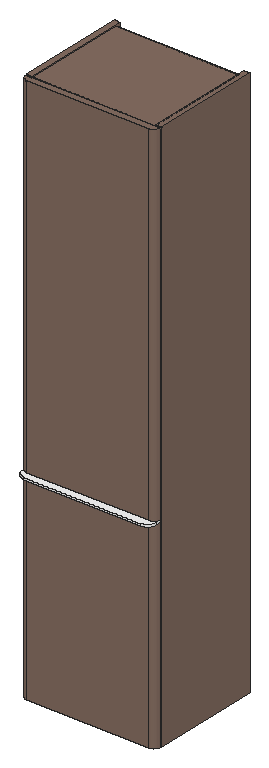
Revit family "tall cabinet, door hinge", category Furniture, Revit 2019 (continued)
Definition of nested family "tall cabinet 400_350, door hinge left-54136000-diamond matt grey-chrome-200_content"
  Parameters (values of type "Tall cabinet 400_350, door hinge left-54136000-Diamond Matt Grey-CHROME-200_Content")
    NAME = "Xelu Q Tall cabinet Diamond Matt Grey 400/350, door hinge left"
    Model = "Tall cabinet 400/350, door hinge left-54136000-Diamond Matt Grey-CHROME-200"
    Manufacturer = "Hansgrohe"
    MASTERFORMAT = "12 35 30.23 | Bathroom Casework"
    LODLEVEL = "200"
    LINA = "Tall cabinet 400/350, door hinge left-54136000-Diamond Matt Grey-CHROME-200"
    L = 400
    IFC = "Furnishing element"
    GTINCODE = "4059625458303"
    ETIM = "EC011381 | Bathroom furniture set"
    Default Elevation = 1219.2 mm
    DESIGN = "Germany"
    ContentVisible [instance] = yes
    CATALOG = "Hansgrohe"
    BIMOBJECT = "Sanitary: Compound units"
    BASENUMBER = "Tall cabinet 400/350, door hinge left"
    ARTNR = "54136000"
  Reference planes
    plane 1 "Center (Front/Back)": y = 0
    plane 2: z = 0
    plane 3 "Center (Left/Right)": x = 0
  Forms (mm)
    Extrusion 1, solid, visible <- "ContentVisible", detail levels medium+fine
      sketch origin (0, 0, 0) x (1, 0, 0) y (0, 1, 0)
        loop
          line (-200, 0) -> (-200, -349) -> (200, -349) -> (200, 0) -> (-200, 0)
      from 0 to 1650
    Extrusion 2, solid, visible <- "ContentVisible", detail levels medium+fine
      sketch origin (0, 0, 599) x (1, 0, 0) y (0, 1, 0)
        loop
          line (-198.5, -328) -> (-198.5, -369) -> (198.5, -369) -> (198.5, -328) -> (178.5, -328) -> (178.5, -326.5) -> (-178.5, -326.5) -> (-178.5, -328) -> (-198.5, -328)
      from 0 to 5
    Extrusion 3, solid, visible <- "ContentVisible", detail levels coarse
      sketch origin (0, -184.5, 0) x (1, 0, 0) y (0, 1, 0)
        loop
          line (-200, -184.5) -> (200, -184.5) -> (200, 184.5) -> (-200, 184.5) -> (-200, -184.5)
      from 0 to 1650
  Dimensions and locks
    aligned and locked: level to plane 2
Definition of nested family "tall cabinet 400_350, door hinge left-54136000-diamond matt grey-chrome-400_content"
  Parameters (values of type "Tall cabinet 400_350, door hinge left-54136000-Diamond Matt Grey-CHROME-400_Content")
    etim7_EC011381 = "EC011381"
    WEIGHT = "36.9"
    UNSPSC = "56 | Furniture and Furnishings"
    UNIFORMATII = "E2010 | Fixed Furnishings"
    UNICLASS_2015_CODE = "40_30_78_05"
    UNICLASS2015 = "Pr_40_30_78_05 | Bathroom furniture"
    SURFACE = "CHROME"
    SPECIFICATION = "Surfaces:    - 54136000 Chrome  - 54136670 Matt Black  - 54136700 Matt White      Specification:"
    REGIONSET = "Worldwide"
    PRODUCTURL = "https://pro.hansgrohe.com/articledetail--54136000"
    PRODUCTGROUP = "bathroom vanity"
    PRODUCTFAMILY = "Xelu Q"
    PERMALINK = "54136XXX"
    OMNICLASS = "23-21 19 15 33 13 | Residential Bathroom Specialty Casework"
    OBJECTTYPE = "Object (single object)"
    OBERFLAECHE = "Diamond Matt Grey"
    NN = "Tall cabinet, door hinge"
    NBSYN = "$BASENUMBER.-$ARTNR.-$OBERFLAECHE.-$SURFACE.-$LODLEVEL."
    NB = "Tall cabinet 400/350, door hinge left-54136000-Diamond Matt Grey-CHROME-400"
    NAME = "Xelu Q Tall cabinet Diamond Matt Grey 400/350, door hinge left"
    Model = "Tall cabinet 400/350, door hinge left-54136000-Diamond Matt Grey-CHROME-400"
    Manufacturer = "Hansgrohe"
    MASTERFORMAT = "12 35 30.23 | Bathroom Casework"
    LODLEVEL = "400"
    LINA = "Tall cabinet 400/350, door hinge left-54136000-Diamond Matt Grey-CHROME-400"
    L = 400
    IFC = "Furnishing element"
    GTINCODE = "4059625458303"
    ETIM = "EC011381 | Bathroom furniture set"
    Default Elevation = 1219.2 mm
    DESIGN = "Germany"
    ContentVisible [instance] = yes
    CATALOG = "Hansgrohe"
    BIMOBJECT = "Sanitary: Compound units"
    BASENUMBER = "Tall cabinet 400/350, door hinge left"
    ARTNR = "54136000"
  Reference planes
    plane 1 "Center (Front/Back)": y = 0
    plane 2: z = 0
    plane 3 "Center (Left/Right)": x = 0
  Forms (mm)
    Extrusion 1, solid, visible <- "ContentVisible", detail levels medium+fine
      sketch origin (0, 0, 0) x (1, 0, 0) y (0, 1, 0)
        loop
          line (-200, 0) -> (-200, -325)
          arc (-200, -325) -> (-199.121, -327.121) -> (-197, -328) r 3
          line (-197, -328) -> (-184, -328) -> (-184, 0) -> (-200, 0)
      from 0 to 1650
    Extrusion 2, solid, visible <- "ContentVisible", detail levels medium+fine
      sketch origin (0, 0, 0) x (1, 0, 0) y (0, 1, 0)
        loop
          line (-184, -20) -> (-184, -327) -> (184, -327) -> (184, -20) -> (-184, -20)
      from 0 to 1649
    Extrusion 3, solid, visible <- "ContentVisible", detail levels medium+fine
      sketch origin (0, 0, 0) x (1, 0, 0) y (0, 1, 0)
        loop
          line (184, 0) -> (184, -328) -> (197, -328)
          arc (197, -328) -> (199.121, -327.121) -> (200, -325) r 3
          line (200, -325) -> (200, 0) -> (184, 0)
      from 0 to 1650
    Extrusion 4, solid, visible <- "ContentVisible", detail levels medium+fine
      sketch origin (0, 0, 2) x (1, 0, 0) y (0, 1, 0)
        loop
          line (-184, -16) -> (-184, -20) -> (184, -20) -> (184, -16) -> (-184, -16)
      from 0 to 1646
    Extrusion 5, solid, visible <- "ContentVisible", detail levels medium+fine
      sketch origin (0, 0, 2) x (1, 0, 0) y (0, 1, 0)
        loop
          arc (-200, -330) -> (-194.435, -343.435) -> (-181, -349) r 19
          line (-181, -349) -> (181, -349)
          arc (181, -349) -> (194.435, -343.435) -> (200, -330) r 19
          line (200, -330) -> (200, -328) -> (-200, -328) -> (-200, -330)
      from 0 to 597
    Extrusion 6, solid, visible <- "ContentVisible", detail levels medium+fine
      sketch origin (0, 0, 599) x (1, 0, 0) y (0, 1, 0)
        loop
          line (-198.5, -328) -> (-198.5, -344)
          arc (-198.5, -344) -> (-191.178, -361.678) -> (-173.5, -369) r 25
          line (-173.5, -369) -> (173.5, -369)
          arc (173.5, -369) -> (191.178, -361.678) -> (198.5, -344) r 25
          line (198.5, -344) -> (198.5, -328) -> (178.5, -328) -> (178.5, -326.5) -> (-178.5, -326.5) -> (-178.5, -328) -> (-198.5, -328)
      from 0 to 5
    Extrusion 7, solid, visible <- "ContentVisible", detail levels medium+fine
      sketch origin (0, 0, 607) x (1, 0, 0) y (0, 1, 0)
        loop
          arc (-200, -330) -> (-194.435, -343.435) -> (-181, -349) r 19
          line (-181, -349) -> (181, -349)
          arc (181, -349) -> (194.435, -343.435) -> (200, -330) r 19
          line (200, -330) -> (200, -328) -> (-200, -328) -> (-200, -330)
      from 0 to 1041
    Extrusion 8, solid, visible <- "ContentVisible", detail levels coarse
      sketch origin (0, -184.5, 0) x (1, 0, 0) y (0, 1, 0)
        loop
          line (-200, -184.5) -> (200, -184.5) -> (200, 184.5) -> (-200, 184.5) -> (-200, -184.5)
      from 0 to 1650
  Dimensions and locks
    aligned and locked: level to plane 2
Definition of nested family "tall cabinet 400_350, door hinge left-54136670-diamond matt grey-matt_black-200_content"
  Parameters (values of type "Tall cabinet 400_350, door hinge left-54136670-Diamond Matt Grey-MATT_BLACK-200_Content")
    etim7_EC011381 = "EC011381"
    WEIGHT = "36.9"
    UNSPSC = "56 | Furniture and Furnishings"
    UNIFORMATII = "E2010 | Fixed Furnishings"
    UNICLASS_2015_CODE = "40_30_78_05"
    UNICLASS2015 = "Pr_40_30_78_05 | Bathroom furniture"
    SURFACE = "MATT_BLACK"
    SPECIFICATION = "Surfaces:    - 54136000 Chrome  - 54136670 Matt Black  - 54136700 Matt White      Specification:"
    REGIONSET = "Worldwide"
    PRODUCTURL = "https://pro.hansgrohe.com/articledetail--54136000"
    PRODUCTGROUP = "bathroom vanity"
    PRODUCTFAMILY = "Xelu Q"
    PERMALINK = "54136XXX"
    OMNICLASS = "23-21 19 15 33 13 | Residential Bathroom Specialty Casework"
    OBJECTTYPE = "Object (single object)"
    OBERFLAECHE = "Diamond Matt Grey"
    NN = "Tall cabinet, door hinge"
    NBSYN = "$BASENUMBER.-$ARTNR.-$OBERFLAECHE.-$SURFACE.-$LODLEVEL."
    NB = "Tall cabinet 400/350, door hinge left-54136670-Diamond Matt Grey-MATT_BLACK-200"
    NAME = "Xelu Q Tall cabinet Diamond Matt Grey 400/350, door hinge left"
    Model = "Tall cabinet 400/350, door hinge left-54136670-Diamond Matt Grey-MATT_BLACK-200"
    Manufacturer = "Hansgrohe"
    MASTERFORMAT = "12 35 30.23 | Bathroom Casework"
    LODLEVEL = "200"
    LINA = "Tall cabinet 400/350, door hinge left-54136670-Diamond Matt Grey-MATT_BLACK-200"
    L = 400
    IFC = "Furnishing element"
    GTINCODE = "4059625458303"
    ETIM = "EC011381 | Bathroom furniture set"
    Default Elevation = 1219.2 mm
    DESIGN = "Germany"
    ContentVisible [instance] = yes
    CATALOG = "Hansgrohe"
    BIMOBJECT = "Sanitary: Compound units"
    BASENUMBER = "Tall cabinet 400/350, door hinge left"
    ARTNR = "54136670"
  Reference planes
    plane 1 "Center (Front/Back)": y = 0
    plane 2: z = 0
    plane 3 "Center (Left/Right)": x = 0
  Forms (mm)
    Extrusion 1, solid, visible <- "ContentVisible", detail levels medium+fine
      sketch origin (0, 0, 0) x (1, 0, 0) y (0, 1, 0)
        loop
          line (-200, 0) -> (-200, -349) -> (200, -349) -> (200, 0) -> (-200, 0)
      from 0 to 1650
    Extrusion 2, solid, visible <- "ContentVisible", detail levels medium+fine
      sketch origin (0, 0, 599) x (1, 0, 0) y (0, 1, 0)
        loop
          line (-198.5, -328) -> (-198.5, -369) -> (198.5, -369) -> (198.5, -328) -> (178.5, -328) -> (178.5, -326.5) -> (-178.5, -326.5) -> (-178.5, -328) -> (-198.5, -328)
      from 0 to 5
    Extrusion 3, solid, visible <- "ContentVisible", detail levels coarse
      sketch origin (0, -184.5, 0) x (1, 0, 0) y (0, 1, 0)
        loop
          line (-200, -184.5) -> (200, -184.5) -> (200, 184.5) -> (-200, 184.5) -> (-200, -184.5)
      from 0 to 1650
  Dimensions and locks
    aligned and locked: level to plane 2
Definition of nested family "tall cabinet 400_350, door hinge left-54136670-diamond matt grey-matt_black-400_content"
  Parameters (values of type "Tall cabinet 400_350, door hinge left-54136670-Diamond Matt Grey-MATT_BLACK-400_Content")
    etim7_EC011381 = "EC011381"
    WEIGHT = "36.9"
    UNSPSC = "56 | Furniture and Furnishings"
    UNIFORMATII = "E2010 | Fixed Furnishings"
    UNICLASS_2015_CODE = "40_30_78_05"
    UNICLASS2015 = "Pr_40_30_78_05 | Bathroom furniture"
    SURFACE = "MATT_BLACK"
    SPECIFICATION = "Surfaces:    - 54136000 Chrome  - 54136670 Matt Black  - 54136700 Matt White      Specification:"
    REGIONSET = "Worldwide"
    PRODUCTURL = "https://pro.hansgrohe.com/articledetail--54136000"
    PRODUCTGROUP = "bathroom vanity"
    PRODUCTFAMILY = "Xelu Q"
    PERMALINK = "54136XXX"
    OMNICLASS = "23-21 19 15 33 13 | Residential Bathroom Specialty Casework"
    OBJECTTYPE = "Object (single object)"
    OBERFLAECHE = "Diamond Matt Grey"
    NN = "Tall cabinet, door hinge"
    NBSYN = "$BASENUMBER.-$ARTNR.-$OBERFLAECHE.-$SURFACE.-$LODLEVEL."
    NB = "Tall cabinet 400/350, door hinge left-54136670-Diamond Matt Grey-MATT_BLACK-400"
    NAME = "Xelu Q Tall cabinet Diamond Matt Grey 400/350, door hinge left"
    Model = "Tall cabinet 400/350, door hinge left-54136670-Diamond Matt Grey-MATT_BLACK-400"
    Manufacturer = "Hansgrohe"
    MASTERFORMAT = "12 35 30.23 | Bathroom Casework"
    LODLEVEL = "400"
    LINA = "Tall cabinet 400/350, door hinge left-54136670-Diamond Matt Grey-MATT_BLACK-400"
    L = 400
    IFC = "Furnishing element"
    GTINCODE = "4059625458303"
    ETIM = "EC011381 | Bathroom furniture set"
    Default Elevation = 1219.2 mm
    DESIGN = "Germany"
    ContentVisible [instance] = yes
    CATALOG = "Hansgrohe"
    BIMOBJECT = "Sanitary: Compound units"
    BASENUMBER = "Tall cabinet 400/350, door hinge left"
    ARTNR = "54136670"
  Reference planes
    plane 1 "Center (Front/Back)": y = 0
    plane 2: z = 0
    plane 3 "Center (Left/Right)": x = 0
  Forms (mm)
    Extrusion 1, solid, visible <- "ContentVisible", detail levels medium+fine
      sketch origin (0, 0, 0) x (1, 0, 0) y (0, 1, 0)
        loop
          line (-200, 0) -> (-200, -325)
          arc (-200, -325) -> (-199.121, -327.121) -> (-197, -328) r 3
          line (-197, -328) -> (-184, -328) -> (-184, 0) -> (-200, 0)
      from 0 to 1650
    Extrusion 2, solid, visible <- "ContentVisible", detail levels medium+fine
      sketch origin (0, 0, 0) x (1, 0, 0) y (0, 1, 0)
        loop
          line (-184, -20) -> (-184, -327) -> (184, -327) -> (184, -20) -> (-184, -20)
      from 0 to 1649
    Extrusion 3, solid, visible <- "ContentVisible", detail levels medium+fine
      sketch origin (0, 0, 0) x (1, 0, 0) y (0, 1, 0)
        loop
          line (184, 0) -> (184, -328) -> (197, -328)
          arc (197, -328) -> (199.121, -327.121) -> (200, -325) r 3
          line (200, -325) -> (200, 0) -> (184, 0)
      from 0 to 1650
    Extrusion 4, solid, visible <- "ContentVisible", detail levels medium+fine
      sketch origin (0, 0, 2) x (1, 0, 0) y (0, 1, 0)
        loop
          line (-184, -16) -> (-184, -20) -> (184, -20) -> (184, -16) -> (-184, -16)
      from 0 to 1646
    Extrusion 5, solid, visible <- "ContentVisible", detail levels medium+fine
      sketch origin (0, 0, 2) x (1, 0, 0) y (0, 1, 0)
        loop
          arc (-200, -330) -> (-194.435, -343.435) -> (-181, -349) r 19
          line (-181, -349) -> (181, -349)
          arc (181, -349) -> (194.435, -343.435) -> (200, -330) r 19
          line (200, -330) -> (200, -328) -> (-200, -328) -> (-200, -330)
      from 0 to 597
    Extrusion 6, solid, visible <- "ContentVisible", detail levels medium+fine
      sketch origin (0, 0, 599) x (1, 0, 0) y (0, 1, 0)
        loop
          line (-198.5, -328) -> (-198.5, -344)
          arc (-198.5, -344) -> (-191.178, -361.678) -> (-173.5, -369) r 25
          line (-173.5, -369) -> (173.5, -369)
          arc (173.5, -369) -> (191.178, -361.678) -> (198.5, -344) r 25
          line (198.5, -344) -> (198.5, -328) -> (178.5, -328) -> (178.5, -326.5) -> (-178.5, -326.5) -> (-178.5, -328) -> (-198.5, -328)
      from 0 to 5
    Extrusion 7, solid, visible <- "ContentVisible", detail levels medium+fine
      sketch origin (0, 0, 607) x (1, 0, 0) y (0, 1, 0)
        loop
          arc (-200, -330) -> (-194.435, -343.435) -> (-181, -349) r 19
          line (-181, -349) -> (181, -349)
          arc (181, -349) -> (194.435, -343.435) -> (200, -330) r 19
          line (200, -330) -> (200, -328) -> (-200, -328) -> (-200, -330)
      from 0 to 1041
    Extrusion 8, solid, visible <- "ContentVisible", detail levels coarse
      sketch origin (0, -184.5, 0) x (1, 0, 0) y (0, 1, 0)
        loop
          line (-200, -184.5) -> (200, -184.5) -> (200, 184.5) -> (-200, 184.5) -> (-200, -184.5)
      from 0 to 1650
  Dimensions and locks
    aligned and locked: level to plane 2
Definition of nested family "tall cabinet 400_350, door hinge left-54136700-diamond matt grey-matt_white-200_content"
  Parameters (values of type "Tall cabinet 400_350, door hinge left-54136700-Diamond Matt Grey-MATT_WHITE-200_Content")
    etim7_EC011381 = "EC011381"
    WEIGHT = "36.9"
    UNSPSC = "56 | Furniture and Furnishings"
    UNIFORMATII = "E2010 | Fixed Furnishings"
    UNICLASS_2015_CODE = "40_30_78_05"
    UNICLASS2015 = "Pr_40_30_78_05 | Bathroom furniture"
    SURFACE = "MATT_WHITE"
    SPECIFICATION = "Surfaces:    - 54136000 Chrome  - 54136670 Matt Black  - 54136700 Matt White      Specification:"
    REGIONSET = "Worldwide"
    PRODUCTURL = "https://pro.hansgrohe.com/articledetail--54136000"
    PRODUCTGROUP = "bathroom vanity"
    PRODUCTFAMILY = "Xelu Q"
    PERMALINK = "54136XXX"
    OMNICLASS = "23-21 19 15 33 13 | Residential Bathroom Specialty Casework"
    OBJECTTYPE = "Object (single object)"
    OBERFLAECHE = "Diamond Matt Grey"
    NN = "Tall cabinet, door hinge"
    NBSYN = "$BASENUMBER.-$ARTNR.-$OBERFLAECHE.-$SURFACE.-$LODLEVEL."
    NB = "Tall cabinet 400/350, door hinge left-54136700-Diamond Matt Grey-MATT_WHITE-200"
    NAME = "Xelu Q Tall cabinet Diamond Matt Grey 400/350, door hinge left"
    Model = "Tall cabinet 400/350, door hinge left-54136700-Diamond Matt Grey-MATT_WHITE-200"
    Manufacturer = "Hansgrohe"
    MASTERFORMAT = "12 35 30.23 | Bathroom Casework"
    LODLEVEL = "200"
    LINA = "Tall cabinet 400/350, door hinge left-54136700-Diamond Matt Grey-MATT_WHITE-200"
    L = 400
    IFC = "Furnishing element"
    GTINCODE = "4059625458303"
    ETIM = "EC011381 | Bathroom furniture set"
    Default Elevation = 1219.2 mm
    DESIGN = "Germany"
    ContentVisible [instance] = yes
    CATALOG = "Hansgrohe"
    BIMOBJECT = "Sanitary: Compound units"
    BASENUMBER = "Tall cabinet 400/350, door hinge left"
    ARTNR = "54136700"
  Reference planes
    plane 1 "Center (Front/Back)": y = 0
    plane 2: z = 0
    plane 3 "Center (Left/Right)": x = 0
  Forms (mm)
    Extrusion 1, solid, visible <- "ContentVisible", detail levels medium+fine
      sketch origin (0, 0, 0) x (1, 0, 0) y (0, 1, 0)
        loop
          line (-200, 0) -> (-200, -349) -> (200, -349) -> (200, 0) -> (-200, 0)
      from 0 to 1650
    Extrusion 2, solid, visible <- "ContentVisible", detail levels medium+fine
      sketch origin (0, 0, 599) x (1, 0, 0) y (0, 1, 0)
        loop
          line (-198.5, -328) -> (-198.5, -369) -> (198.5, -369) -> (198.5, -328) -> (178.5, -328) -> (178.5, -326.5) -> (-178.5, -326.5) -> (-178.5, -328) -> (-198.5, -328)
      from 0 to 5
    Extrusion 3, solid, visible <- "ContentVisible", detail levels coarse
      sketch origin (0, -184.5, 0) x (1, 0, 0) y (0, 1, 0)
        loop
          line (-200, -184.5) -> (200, -184.5) -> (200, 184.5) -> (-200, 184.5) -> (-200, -184.5)
      from 0 to 1650
  Dimensions and locks
    aligned and locked: level to plane 2
Definition of nested family "tall cabinet 400_350, door hinge left-54136700-diamond matt grey-matt_white-400_content"
  Parameters (values of type "Tall cabinet 400_350, door hinge left-54136700-Diamond Matt Grey-MATT_WHITE-400_Content")
    etim7_EC011381 = "EC011381"
    WEIGHT = "36.9"
    UNSPSC = "56 | Furniture and Furnishings"
    UNIFORMATII = "E2010 | Fixed Furnishings"
    UNICLASS_2015_CODE = "40_30_78_05"
    UNICLASS2015 = "Pr_40_30_78_05 | Bathroom furniture"
    SURFACE = "MATT_WHITE"
    SPECIFICATION = "Surfaces:    - 54136000 Chrome  - 54136670 Matt Black  - 54136700 Matt White      Specification:"
    REGIONSET = "Worldwide"
    PRODUCTURL = "https://pro.hansgrohe.com/articledetail--54136000"
    PRODUCTGROUP = "bathroom vanity"
    PRODUCTFAMILY = "Xelu Q"
    PERMALINK = "54136XXX"
    OMNICLASS = "23-21 19 15 33 13 | Residential Bathroom Specialty Casework"
    OBJECTTYPE = "Object (single object)"
    OBERFLAECHE = "Diamond Matt Grey"
    NN = "Tall cabinet, door hinge"
    NBSYN = "$BASENUMBER.-$ARTNR.-$OBERFLAECHE.-$SURFACE.-$LODLEVEL."
    NB = "Tall cabinet 400/350, door hinge left-54136700-Diamond Matt Grey-MATT_WHITE-400"
    NAME = "Xelu Q Tall cabinet Diamond Matt Grey 400/350, door hinge left"
    Model = "Tall cabinet 400/350, door hinge left-54136700-Diamond Matt Grey-MATT_WHITE-400"
    Manufacturer = "Hansgrohe"
    MASTERFORMAT = "12 35 30.23 | Bathroom Casework"
    LODLEVEL = "400"
    LINA = "Tall cabinet 400/350, door hinge left-54136700-Diamond Matt Grey-MATT_WHITE-400"
    L = 400
    IFC = "Furnishing element"
    GTINCODE = "4059625458303"
    ETIM = "EC011381 | Bathroom furniture set"
    Default Elevation = 1219.2 mm
    DESIGN = "Germany"
    ContentVisible [instance] = yes
    CATALOG = "Hansgrohe"
    BIMOBJECT = "Sanitary: Compound units"
    BASENUMBER = "Tall cabinet 400/350, door hinge left"
    ARTNR = "54136700"
  Reference planes
    plane 1 "Center (Front/Back)": y = 0
    plane 2: z = 0
    plane 3 "Center (Left/Right)": x = 0
  Forms (mm)
    Extrusion 1, solid, visible <- "ContentVisible", detail levels medium+fine
      sketch origin (0, 0, 0) x (1, 0, 0) y (0, 1, 0)
        loop
          line (-200, 0) -> (-200, -325)
          arc (-200, -325) -> (-199.121, -327.121) -> (-197, -328) r 3
          line (-197, -328) -> (-184, -328) -> (-184, 0) -> (-200, 0)
      from 0 to 1650
    Extrusion 2, solid, visible <- "ContentVisible", detail levels medium+fine
      sketch origin (0, 0, 0) x (1, 0, 0) y (0, 1, 0)
        loop
          line (-184, -20) -> (-184, -327) -> (184, -327) -> (184, -20) -> (-184, -20)
      from 0 to 1649
    Extrusion 3, solid, visible <- "ContentVisible", detail levels medium+fine
      sketch origin (0, 0, 0) x (1, 0, 0) y (0, 1, 0)
        loop
          line (184, 0) -> (184, -328) -> (197, -328)
          arc (197, -328) -> (199.121, -327.121) -> (200, -325) r 3
          line (200, -325) -> (200, 0) -> (184, 0)
      from 0 to 1650
    Extrusion 4, solid, visible <- "ContentVisible", detail levels medium+fine
      sketch origin (0, 0, 2) x (1, 0, 0) y (0, 1, 0)
        loop
          line (-184, -16) -> (-184, -20) -> (184, -20) -> (184, -16) -> (-184, -16)
      from 0 to 1646
    Extrusion 5, solid, visible <- "ContentVisible", detail levels medium+fine
      sketch origin (0, 0, 2) x (1, 0, 0) y (0, 1, 0)
        loop
          arc (-200, -330) -> (-194.435, -343.435) -> (-181, -349) r 19
          line (-181, -349) -> (181, -349)
          arc (181, -349) -> (194.435, -343.435) -> (200, -330) r 19
          line (200, -330) -> (200, -328) -> (-200, -328) -> (-200, -330)
      from 0 to 597
    Extrusion 6, solid, visible <- "ContentVisible", detail levels medium+fine
      sketch origin (0, 0, 599) x (1, 0, 0) y (0, 1, 0)
        loop
          line (-198.5, -328) -> (-198.5, -344)
          arc (-198.5, -344) -> (-191.178, -361.678) -> (-173.5, -369) r 25
          line (-173.5, -369) -> (173.5, -369)
          arc (173.5, -369) -> (191.178, -361.678) -> (198.5, -344) r 25
          line (198.5, -344) -> (198.5, -328) -> (178.5, -328) -> (178.5, -326.5) -> (-178.5, -326.5) -> (-178.5, -328) -> (-198.5, -328)
      from 0 to 5
    Extrusion 7, solid, visible <- "ContentVisible", detail levels medium+fine
      sketch origin (0, 0, 607) x (1, 0, 0) y (0, 1, 0)
        loop
          arc (-200, -330) -> (-194.435, -343.435) -> (-181, -349) r 19
          line (-181, -349) -> (181, -349)
          arc (181, -349) -> (194.435, -343.435) -> (200, -330) r 19
          line (200, -330) -> (200, -328) -> (-200, -328) -> (-200, -330)
      from 0 to 1041
    Extrusion 8, solid, visible <- "ContentVisible", detail levels coarse
      sketch origin (0, -184.5, 0) x (1, 0, 0) y (0, 1, 0)
        loop
          line (-200, -184.5) -> (200, -184.5) -> (200, 184.5) -> (-200, 184.5) -> (-200, -184.5)
      from 0 to 1650
  Dimensions and locks
    aligned and locked: level to plane 2
Definition of nested family "tall cabinet 400_350, door hinge left-54137000-natural oak-chrome-200_content"
  Parameters (values of type "Tall cabinet 400_350, door hinge left-54137000-Natural Oak-CHROME-200_Content")
    etim7_EC011381 = "EC011381"
    WEIGHT = "36.9"
    UNSPSC = "56 | Furniture and Furnishings"
    UNIFORMATII = "E2010 | Fixed Furnishings"
    UNICLASS_2015_CODE = "40_30_78_05"
    UNICLASS2015 = "Pr_40_30_78_05 | Bathroom furniture"
    SURFACE = "CHROME"
    SPECIFICATION = "Surfaces:    - 54137000 Chrome  - 54137670 Matt Black  - 54137700 Matt White      Specification:"
    REGIONSET = "Worldwide"
    PRODUCTURL = "https://pro.hansgrohe.com/articledetail--54137000"
    PRODUCTGROUP = "bathroom vanity"
    PRODUCTFAMILY = "Xelu Q"
    PERMALINK = "54137XXX"
    OMNICLASS = "23-21 19 15 33 13 | Residential Bathroom Specialty Casework"
    OBJECTTYPE = "Object (single object)"
    OBERFLAECHE = "Natural Oak"
    NN = "Tall cabinet, door hinge"
    NBSYN = "$BASENUMBER.-$ARTNR.-$OBERFLAECHE.-$SURFACE.-$LODLEVEL."
    NB = "Tall cabinet 400/350, door hinge left-54137000-Natural Oak-CHROME-200"
    NAME = "Xelu Q Tall cabinet Natural Oak 400/350, door hinge left"
    Model = "Tall cabinet 400/350, door hinge left-54137000-Natural Oak-CHROME-200"
    Manufacturer = "Hansgrohe"
    MASTERFORMAT = "12 35 30.23 | Bathroom Casework"
    LODLEVEL = "200"
    LINA = "Tall cabinet 400/350, door hinge left-54137000-Natural Oak-CHROME-200"
    L = 400
    IFC = "Furnishing element"
    GTINCODE = "4059625458273"
    ETIM = "EC011381 | Bathroom furniture set"
    Default Elevation = 1219.2 mm
    DESIGN = "Germany"
    ContentVisible [instance] = yes
    CATALOG = "Hansgrohe"
    BIMOBJECT = "Sanitary: Compound units"
    BASENUMBER = "Tall cabinet 400/350, door hinge left"
    ARTNR = "54137000"
  Reference planes
    plane 1 "Center (Front/Back)": y = 0
    plane 2: z = 0
    plane 3 "Center (Left/Right)": x = 0
  Forms (mm)
    Extrusion 1, solid, visible <- "ContentVisible", detail levels medium+fine
      sketch origin (0, 0, 0) x (1, 0, 0) y (0, 1, 0)
        loop
          line (-200, 0) -> (-200, -349) -> (200, -349) -> (200, 0) -> (-200, 0)
      from 0 to 1650
    Extrusion 2, solid, visible <- "ContentVisible", detail levels medium+fine
      sketch origin (0, 0, 599) x (1, 0, 0) y (0, 1, 0)
        loop
          line (-198.5, -328) -> (-198.5, -369) -> (198.5, -369) -> (198.5, -328) -> (178.5, -328) -> (178.5, -326.5) -> (-178.5, -326.5) -> (-178.5, -328) -> (-198.5, -328)
      from 0 to 5
    Extrusion 3, solid, visible <- "ContentVisible", detail levels coarse
      sketch origin (0, -184.5, 0) x (1, 0, 0) y (0, 1, 0)
        loop
          line (-200, -184.5) -> (200, -184.5) -> (200, 184.5) -> (-200, 184.5) -> (-200, -184.5)
      from 0 to 1650
  Dimensions and locks
    aligned and locked: level to plane 2
Definition of nested family "tall cabinet 400_350, door hinge left-54137000-natural oak-chrome-400_content"
  Parameters (values of type "Tall cabinet 400_350, door hinge left-54137000-Natural Oak-CHROME-400_Content")
    etim7_EC011381 = "EC011381"
    WEIGHT = "36.9"
    UNSPSC = "56 | Furniture and Furnishings"
    UNIFORMATII = "E2010 | Fixed Furnishings"
    UNICLASS_2015_CODE = "40_30_78_05"
    UNICLASS2015 = "Pr_40_30_78_05 | Bathroom furniture"
    SURFACE = "CHROME"
    SPECIFICATION = "Surfaces:    - 54137000 Chrome  - 54137670 Matt Black  - 54137700 Matt White      Specification:"
    REGIONSET = "Worldwide"
    PRODUCTURL = "https://pro.hansgrohe.com/articledetail--54137000"
    PRODUCTGROUP = "bathroom vanity"
    PRODUCTFAMILY = "Xelu Q"
    PERMALINK = "54137XXX"
    OMNICLASS = "23-21 19 15 33 13 | Residential Bathroom Specialty Casework"
    OBJECTTYPE = "Object (single object)"
    OBERFLAECHE = "Natural Oak"
    NN = "Tall cabinet, door hinge"
    NBSYN = "$BASENUMBER.-$ARTNR.-$OBERFLAECHE.-$SURFACE.-$LODLEVEL."
    NB = "Tall cabinet 400/350, door hinge left-54137000-Natural Oak-CHROME-400"
    NAME = "Xelu Q Tall cabinet Natural Oak 400/350, door hinge left"
    Model = "Tall cabinet 400/350, door hinge left-54137000-Natural Oak-CHROME-400"
    Manufacturer = "Hansgrohe"
    MASTERFORMAT = "12 35 30.23 | Bathroom Casework"
    LODLEVEL = "400"
    LINA = "Tall cabinet 400/350, door hinge left-54137000-Natural Oak-CHROME-400"
    L = 400
    IFC = "Furnishing element"
    GTINCODE = "4059625458273"
    ETIM = "EC011381 | Bathroom furniture set"
    Default Elevation = 1219.2 mm
    DESIGN = "Germany"
    ContentVisible [instance] = yes
    CATALOG = "Hansgrohe"
    BIMOBJECT = "Sanitary: Compound units"
    BASENUMBER = "Tall cabinet 400/350, door hinge left"
    ARTNR = "54137000"
  Reference planes
    plane 1 "Center (Front/Back)": y = 0
    plane 2: z = 0
    plane 3 "Center (Left/Right)": x = 0
  Forms (mm)
    Extrusion 1, solid, visible <- "ContentVisible", detail levels medium+fine
      sketch origin (0, 0, 0) x (1, 0, 0) y (0, 1, 0)
        loop
          line (-200, 0) -> (-200, -325)
          arc (-200, -325) -> (-199.121, -327.121) -> (-197, -328) r 3
          line (-197, -328) -> (-184, -328) -> (-184, 0) -> (-200, 0)
      from 0 to 1650
    Extrusion 2, solid, visible <- "ContentVisible", detail levels medium+fine
      sketch origin (0, 0, 0) x (1, 0, 0) y (0, 1, 0)
        loop
          line (-184, -20) -> (-184, -327) -> (184, -327) -> (184, -20) -> (-184, -20)
      from 0 to 1649
    Extrusion 3, solid, visible <- "ContentVisible", detail levels medium+fine
      sketch origin (0, 0, 0) x (1, 0, 0) y (0, 1, 0)
        loop
          line (184, 0) -> (184, -328) -> (197, -328)
          arc (197, -328) -> (199.121, -327.121) -> (200, -325) r 3
          line (200, -325) -> (200, 0) -> (184, 0)
      from 0 to 1650
    Extrusion 4, solid, visible <- "ContentVisible", detail levels medium+fine
      sketch origin (0, 0, 2) x (1, 0, 0) y (0, 1, 0)
        loop
          line (-184, -16) -> (-184, -20) -> (184, -20) -> (184, -16) -> (-184, -16)
      from 0 to 1646
    Extrusion 5, solid, visible <- "ContentVisible", detail levels medium+fine
      sketch origin (0, 0, 2) x (1, 0, 0) y (0, 1, 0)
        loop
          arc (-200, -330) -> (-194.435, -343.435) -> (-181, -349) r 19
          line (-181, -349) -> (181, -349)
          arc (181, -349) -> (194.435, -343.435) -> (200, -330) r 19
          line (200, -330) -> (200, -328) -> (-200, -328) -> (-200, -330)
      from 0 to 597
    Extrusion 6, solid, visible <- "ContentVisible", detail levels medium+fine
      sketch origin (0, 0, 599) x (1, 0, 0) y (0, 1, 0)
        loop
          line (-198.5, -328) -> (-198.5, -344)
          arc (-198.5, -344) -> (-191.178, -361.678) -> (-173.5, -369) r 25
          line (-173.5, -369) -> (173.5, -369)
          arc (173.5, -369) -> (191.178, -361.678) -> (198.5, -344) r 25
          line (198.5, -344) -> (198.5, -328) -> (178.5, -328) -> (178.5, -326.5) -> (-178.5, -326.5) -> (-178.5, -328) -> (-198.5, -328)
      from 0 to 5
    Extrusion 7, solid, visible <- "ContentVisible", detail levels medium+fine
      sketch origin (0, 0, 607) x (1, 0, 0) y (0, 1, 0)
        loop
          arc (-200, -330) -> (-194.435, -343.435) -> (-181, -349) r 19
          line (-181, -349) -> (181, -349)
          arc (181, -349) -> (194.435, -343.435) -> (200, -330) r 19
          line (200, -330) -> (200, -328) -> (-200, -328) -> (-200, -330)
      from 0 to 1041
    Extrusion 8, solid, visible <- "ContentVisible", detail levels coarse
      sketch origin (0, -184.5, 0) x (1, 0, 0) y (0, 1, 0)
        loop
          line (-200, -184.5) -> (200, -184.5) -> (200, 184.5) -> (-200, 184.5) -> (-200, -184.5)
      from 0 to 1650
  Dimensions and locks
    aligned and locked: level to plane 2
Definition of nested family "tall cabinet 400_350, door hinge left-54137670-natural oak-matt_black-200_content"
  Parameters (values of type "Tall cabinet 400_350, door hinge left-54137670-Natural Oak-MATT_BLACK-200_Content")
    etim7_EC011381 = "EC011381"
    WEIGHT = "36.9"
    UNSPSC = "56 | Furniture and Furnishings"
    UNIFORMATII = "E2010 | Fixed Furnishings"
    UNICLASS_2015_CODE = "40_30_78_05"
    UNICLASS2015 = "Pr_40_30_78_05 | Bathroom furniture"
    SURFACE = "MATT_BLACK"
    SPECIFICATION = "Surfaces:    - 54137000 Chrome  - 54137670 Matt Black  - 54137700 Matt White      Specification:"
    REGIONSET = "Worldwide"
    PRODUCTURL = "https://pro.hansgrohe.com/articledetail--54137000"
    PRODUCTGROUP = "bathroom vanity"
    PRODUCTFAMILY = "Xelu Q"
    PERMALINK = "54137XXX"
    OMNICLASS = "23-21 19 15 33 13 | Residential Bathroom Specialty Casework"
    OBJECTTYPE = "Object (single object)"
    OBERFLAECHE = "Natural Oak"
    NN = "Tall cabinet, door hinge"
    NBSYN = "$BASENUMBER.-$ARTNR.-$OBERFLAECHE.-$SURFACE.-$LODLEVEL."
    NB = "Tall cabinet 400/350, door hinge left-54137670-Natural Oak-MATT_BLACK-200"
    NAME = "Xelu Q Tall cabinet Natural Oak 400/350, door hinge left"
    Model = "Tall cabinet 400/350, door hinge left-54137670-Natural Oak-MATT_BLACK-200"
    Manufacturer = "Hansgrohe"
    MASTERFORMAT = "12 35 30.23 | Bathroom Casework"
    LODLEVEL = "200"
    LINA = "Tall cabinet 400/350, door hinge left-54137670-Natural Oak-MATT_BLACK-200"
    L = 400
    IFC = "Furnishing element"
    GTINCODE = "4059625458273"
    ETIM = "EC011381 | Bathroom furniture set"
    Default Elevation = 1219.2 mm
    DESIGN = "Germany"
    ContentVisible [instance] = yes
    CATALOG = "Hansgrohe"
    BIMOBJECT = "Sanitary: Compound units"
    BASENUMBER = "Tall cabinet 400/350, door hinge left"
    ARTNR = "54137670"
  Reference planes
    plane 1 "Center (Front/Back)": y = 0
    plane 2: z = 0
    plane 3 "Center (Left/Right)": x = 0
  Forms (mm)
    Extrusion 1, solid, visible <- "ContentVisible", detail levels medium+fine
      sketch origin (0, 0, 0) x (1, 0, 0) y (0, 1, 0)
        loop
          line (-200, 0) -> (-200, -349) -> (200, -349) -> (200, 0) -> (-200, 0)
      from 0 to 1650
    Extrusion 2, solid, visible <- "ContentVisible", detail levels medium+fine
      sketch origin (0, 0, 599) x (1, 0, 0) y (0, 1, 0)
        loop
          line (-198.5, -328) -> (-198.5, -369) -> (198.5, -369) -> (198.5, -328) -> (178.5, -328) -> (178.5, -326.5) -> (-178.5, -326.5) -> (-178.5, -328) -> (-198.5, -328)
      from 0 to 5
    Extrusion 3, solid, visible <- "ContentVisible", detail levels coarse
      sketch origin (0, -184.5, 0) x (1, 0, 0) y (0, 1, 0)
        loop
          line (-200, -184.5) -> (200, -184.5) -> (200, 184.5) -> (-200, 184.5) -> (-200, -184.5)
      from 0 to 1650
  Dimensions and locks
    aligned and locked: level to plane 2
Definition of nested family "tall cabinet 400_350, door hinge left-54137670-natural oak-matt_black-400_content"
  Parameters (values of type "Tall cabinet 400_350, door hinge left-54137670-Natural Oak-MATT_BLACK-400_Content")
    etim7_EC011381 = "EC011381"
    WEIGHT = "36.9"
    UNSPSC = "56 | Furniture and Furnishings"
    UNIFORMATII = "E2010 | Fixed Furnishings"
    UNICLASS_2015_CODE = "40_30_78_05"
    UNICLASS2015 = "Pr_40_30_78_05 | Bathroom furniture"
    SURFACE = "MATT_BLACK"
    SPECIFICATION = "Surfaces:    - 54137000 Chrome  - 54137670 Matt Black  - 54137700 Matt White      Specification:"
    REGIONSET = "Worldwide"
    PRODUCTURL = "https://pro.hansgrohe.com/articledetail--54137000"
    PRODUCTGROUP = "bathroom vanity"
    PRODUCTFAMILY = "Xelu Q"
    PERMALINK = "54137XXX"
    OMNICLASS = "23-21 19 15 33 13 | Residential Bathroom Specialty Casework"
    OBJECTTYPE = "Object (single object)"
    OBERFLAECHE = "Natural Oak"
    NN = "Tall cabinet, door hinge"
    NBSYN = "$BASENUMBER.-$ARTNR.-$OBERFLAECHE.-$SURFACE.-$LODLEVEL."
    NB = "Tall cabinet 400/350, door hinge left-54137670-Natural Oak-MATT_BLACK-400"
    NAME = "Xelu Q Tall cabinet Natural Oak 400/350, door hinge left"
    Model = "Tall cabinet 400/350, door hinge left-54137670-Natural Oak-MATT_BLACK-400"
    Manufacturer = "Hansgrohe"
    MASTERFORMAT = "12 35 30.23 | Bathroom Casework"
    LODLEVEL = "400"
    LINA = "Tall cabinet 400/350, door hinge left-54137670-Natural Oak-MATT_BLACK-400"
    L = 400
    IFC = "Furnishing element"
    GTINCODE = "4059625458273"
    ETIM = "EC011381 | Bathroom furniture set"
    Default Elevation = 1219.2 mm
    DESIGN = "Germany"
    ContentVisible [instance] = yes
    CATALOG = "Hansgrohe"
    BIMOBJECT = "Sanitary: Compound units"
    BASENUMBER = "Tall cabinet 400/350, door hinge left"
    ARTNR = "54137670"
  Reference planes
    plane 1 "Center (Front/Back)": y = 0
    plane 2: z = 0
    plane 3 "Center (Left/Right)": x = 0
  Forms (mm)
    Extrusion 1, solid, visible <- "ContentVisible", detail levels medium+fine
      sketch origin (0, 0, 0) x (1, 0, 0) y (0, 1, 0)
        loop
          line (-200, 0) -> (-200, -325)
          arc (-200, -325) -> (-199.121, -327.121) -> (-197, -328) r 3
          line (-197, -328) -> (-184, -328) -> (-184, 0) -> (-200, 0)
      from 0 to 1650
    Extrusion 2, solid, visible <- "ContentVisible", detail levels medium+fine
      sketch origin (0, 0, 0) x (1, 0, 0) y (0, 1, 0)
        loop
          line (-184, -20) -> (-184, -327) -> (184, -327) -> (184, -20) -> (-184, -20)
      from 0 to 1649
    Extrusion 3, solid, visible <- "ContentVisible", detail levels medium+fine
      sketch origin (0, 0, 0) x (1, 0, 0) y (0, 1, 0)
        loop
          line (184, 0) -> (184, -328) -> (197, -328)
          arc (197, -328) -> (199.121, -327.121) -> (200, -325) r 3
          line (200, -325) -> (200, 0) -> (184, 0)
      from 0 to 1650
    Extrusion 4, solid, visible <- "ContentVisible", detail levels medium+fine
      sketch origin (0, 0, 2) x (1, 0, 0) y (0, 1, 0)
        loop
          line (-184, -16) -> (-184, -20) -> (184, -20) -> (184, -16) -> (-184, -16)
      from 0 to 1646
    Extrusion 5, solid, visible <- "ContentVisible", detail levels medium+fine
      sketch origin (0, 0, 2) x (1, 0, 0) y (0, 1, 0)
        loop
          arc (-200, -330) -> (-194.435, -343.435) -> (-181, -349) r 19
          line (-181, -349) -> (181, -349)
          arc (181, -349) -> (194.435, -343.435) -> (200, -330) r 19
          line (200, -330) -> (200, -328) -> (-200, -328) -> (-200, -330)
      from 0 to 597
    Extrusion 6, solid, visible <- "ContentVisible", detail levels medium+fine
      sketch origin (0, 0, 599) x (1, 0, 0) y (0, 1, 0)
        loop
          line (-198.5, -328) -> (-198.5, -344)
          arc (-198.5, -344) -> (-191.178, -361.678) -> (-173.5, -369) r 25
          line (-173.5, -369) -> (173.5, -369)
          arc (173.5, -369) -> (191.178, -361.678) -> (198.5, -344) r 25
          line (198.5, -344) -> (198.5, -328) -> (178.5, -328) -> (178.5, -326.5) -> (-178.5, -326.5) -> (-178.5, -328) -> (-198.5, -328)
      from 0 to 5
    Extrusion 7, solid, visible <- "ContentVisible", detail levels medium+fine
      sketch origin (0, 0, 607) x (1, 0, 0) y (0, 1, 0)
        loop
          arc (-200, -330) -> (-194.435, -343.435) -> (-181, -349) r 19
          line (-181, -349) -> (181, -349)
          arc (181, -349) -> (194.435, -343.435) -> (200, -330) r 19
          line (200, -330) -> (200, -328) -> (-200, -328) -> (-200, -330)
      from 0 to 1041
    Extrusion 8, solid, visible <- "ContentVisible", detail levels coarse
      sketch origin (0, -184.5, 0) x (1, 0, 0) y (0, 1, 0)
        loop
          line (-200, -184.5) -> (200, -184.5) -> (200, 184.5) -> (-200, 184.5) -> (-200, -184.5)
      from 0 to 1650
  Dimensions and locks
    aligned and locked: level to plane 2
Definition of nested family "tall cabinet 400_350, door hinge left-54137700-natural oak-matt_white-200_content"
  Parameters (values of type "Tall cabinet 400_350, door hinge left-54137700-Natural Oak-MATT_WHITE-200_Content")
    etim7_EC011381 = "EC011381"
    WEIGHT = "36.9"
    UNSPSC = "56 | Furniture and Furnishings"
    UNIFORMATII = "E2010 | Fixed Furnishings"
    UNICLASS_2015_CODE = "40_30_78_05"
    UNICLASS2015 = "Pr_40_30_78_05 | Bathroom furniture"
    SURFACE = "MATT_WHITE"
    SPECIFICATION = "Surfaces:    - 54137000 Chrome  - 54137670 Matt Black  - 54137700 Matt White      Specification:"
    REGIONSET = "Worldwide"
    PRODUCTURL = "https://pro.hansgrohe.com/articledetail--54137000"
    PRODUCTGROUP = "bathroom vanity"
    PRODUCTFAMILY = "Xelu Q"
    PERMALINK = "54137XXX"
    OMNICLASS = "23-21 19 15 33 13 | Residential Bathroom Specialty Casework"
    OBJECTTYPE = "Object (single object)"
    OBERFLAECHE = "Natural Oak"
    NN = "Tall cabinet, door hinge"
    NBSYN = "$BASENUMBER.-$ARTNR.-$OBERFLAECHE.-$SURFACE.-$LODLEVEL."
    NB = "Tall cabinet 400/350, door hinge left-54137700-Natural Oak-MATT_WHITE-200"
    NAME = "Xelu Q Tall cabinet Natural Oak 400/350, door hinge left"
    Model = "Tall cabinet 400/350, door hinge left-54137700-Natural Oak-MATT_WHITE-200"
    Manufacturer = "Hansgrohe"
    MASTERFORMAT = "12 35 30.23 | Bathroom Casework"
    LODLEVEL = "200"
    LINA = "Tall cabinet 400/350, door hinge left-54137700-Natural Oak-MATT_WHITE-200"
    L = 400
    IFC = "Furnishing element"
    GTINCODE = "4059625458273"
    ETIM = "EC011381 | Bathroom furniture set"
    Default Elevation = 1219.2 mm
    DESIGN = "Germany"
    ContentVisible [instance] = yes
    CATALOG = "Hansgrohe"
    BIMOBJECT = "Sanitary: Compound units"
    BASENUMBER = "Tall cabinet 400/350, door hinge left"
    ARTNR = "54137700"
  Reference planes
    plane 1 "Center (Front/Back)": y = 0
    plane 2: z = 0
    plane 3 "Center (Left/Right)": x = 0
  Forms (mm)
    Extrusion 1, solid, visible <- "ContentVisible", detail levels medium+fine
      sketch origin (0, 0, 0) x (1, 0, 0) y (0, 1, 0)
        loop
          line (-200, 0) -> (-200, -349) -> (200, -349) -> (200, 0) -> (-200, 0)
      from 0 to 1650
    Extrusion 2, solid, visible <- "ContentVisible", detail levels medium+fine
      sketch origin (0, 0, 599) x (1, 0, 0) y (0, 1, 0)
        loop
          line (-198.5, -328) -> (-198.5, -369) -> (198.5, -369) -> (198.5, -328) -> (178.5, -328) -> (178.5, -326.5) -> (-178.5, -326.5) -> (-178.5, -328) -> (-198.5, -328)
      from 0 to 5
    Extrusion 3, solid, visible <- "ContentVisible", detail levels coarse
      sketch origin (0, -184.5, 0) x (1, 0, 0) y (0, 1, 0)
        loop
          line (-200, -184.5) -> (200, -184.5) -> (200, 184.5) -> (-200, 184.5) -> (-200, -184.5)
      from 0 to 1650
  Dimensions and locks
    aligned and locked: level to plane 2
Definition of nested family "tall cabinet 400_350, door hinge left-54137700-natural oak-matt_white-400_content"
  Parameters (values of type "Tall cabinet 400_350, door hinge left-54137700-Natural Oak-MATT_WHITE-400_Content")
    etim7_EC011381 = "EC011381"
    WEIGHT = "36.9"
    UNSPSC = "56 | Furniture and Furnishings"
    UNIFORMATII = "E2010 | Fixed Furnishings"
    UNICLASS_2015_CODE = "40_30_78_05"
    UNICLASS2015 = "Pr_40_30_78_05 | Bathroom furniture"
    SURFACE = "MATT_WHITE"
    SPECIFICATION = "Surfaces:    - 54137000 Chrome  - 54137670 Matt Black  - 54137700 Matt White      Specification:"
    REGIONSET = "Worldwide"
    PRODUCTURL = "https://pro.hansgrohe.com/articledetail--54137000"
    PRODUCTGROUP = "bathroom vanity"
    PRODUCTFAMILY = "Xelu Q"
    PERMALINK = "54137XXX"
    OMNICLASS = "23-21 19 15 33 13 | Residential Bathroom Specialty Casework"
    OBJECTTYPE = "Object (single object)"
    OBERFLAECHE = "Natural Oak"
    NN = "Tall cabinet, door hinge"
    NBSYN = "$BASENUMBER.-$ARTNR.-$OBERFLAECHE.-$SURFACE.-$LODLEVEL."
    NB = "Tall cabinet 400/350, door hinge left-54137700-Natural Oak-MATT_WHITE-400"
    NAME = "Xelu Q Tall cabinet Natural Oak 400/350, door hinge left"
    Model = "Tall cabinet 400/350, door hinge left-54137700-Natural Oak-MATT_WHITE-400"
    Manufacturer = "Hansgrohe"
    MASTERFORMAT = "12 35 30.23 | Bathroom Casework"
    LODLEVEL = "400"
    LINA = "Tall cabinet 400/350, door hinge left-54137700-Natural Oak-MATT_WHITE-400"
    L = 400
    IFC = "Furnishing element"
    GTINCODE = "4059625458273"
    ETIM = "EC011381 | Bathroom furniture set"
    Default Elevation = 1219.2 mm
    DESIGN = "Germany"
    ContentVisible [instance] = yes
    CATALOG = "Hansgrohe"
    BIMOBJECT = "Sanitary: Compound units"
    BASENUMBER = "Tall cabinet 400/350, door hinge left"
    ARTNR = "54137700"
  Reference planes
    plane 1 "Center (Front/Back)": y = 0
    plane 2: z = 0
    plane 3 "Center (Left/Right)": x = 0
  Forms (mm)
    Extrusion 1, solid, visible <- "ContentVisible", detail levels medium+fine
      sketch origin (0, 0, 0) x (1, 0, 0) y (0, 1, 0)
        loop
          line (-200, 0) -> (-200, -325)
          arc (-200, -325) -> (-199.121, -327.121) -> (-197, -328) r 3
          line (-197, -328) -> (-184, -328) -> (-184, 0) -> (-200, 0)
      from 0 to 1650
    Extrusion 2, solid, visible <- "ContentVisible", detail levels medium+fine
      sketch origin (0, 0, 0) x (1, 0, 0) y (0, 1, 0)
        loop
          line (-184, -20) -> (-184, -327) -> (184, -327) -> (184, -20) -> (-184, -20)
      from 0 to 1649
    Extrusion 3, solid, visible <- "ContentVisible", detail levels medium+fine
      sketch origin (0, 0, 0) x (1, 0, 0) y (0, 1, 0)
        loop
          line (184, 0) -> (184, -328) -> (197, -328)
          arc (197, -328) -> (199.121, -327.121) -> (200, -325) r 3
          line (200, -325) -> (200, 0) -> (184, 0)
      from 0 to 1650
    Extrusion 4, solid, visible <- "ContentVisible", detail levels medium+fine
      sketch origin (0, 0, 2) x (1, 0, 0) y (0, 1, 0)
        loop
          line (-184, -16) -> (-184, -20) -> (184, -20) -> (184, -16) -> (-184, -16)
      from 0 to 1646
    Extrusion 5, solid, visible <- "ContentVisible", detail levels medium+fine
      sketch origin (0, 0, 2) x (1, 0, 0) y (0, 1, 0)
        loop
          arc (-200, -330) -> (-194.435, -343.435) -> (-181, -349) r 19
          line (-181, -349) -> (181, -349)
          arc (181, -349) -> (194.435, -343.435) -> (200, -330) r 19
          line (200, -330) -> (200, -328) -> (-200, -328) -> (-200, -330)
      from 0 to 597
    Extrusion 6, solid, visible <- "ContentVisible", detail levels medium+fine
      sketch origin (0, 0, 599) x (1, 0, 0) y (0, 1, 0)
        loop
          line (-198.5, -328) -> (-198.5, -344)
          arc (-198.5, -344) -> (-191.178, -361.678) -> (-173.5, -369) r 25
          line (-173.5, -369) -> (173.5, -369)
          arc (173.5, -369) -> (191.178, -361.678) -> (198.5, -344) r 25
          line (198.5, -344) -> (198.5, -328) -> (178.5, -328) -> (178.5, -326.5) -> (-178.5, -326.5) -> (-178.5, -328) -> (-198.5, -328)
      from 0 to 5
    Extrusion 7, solid, visible <- "ContentVisible", detail levels medium+fine
      sketch origin (0, 0, 607) x (1, 0, 0) y (0, 1, 0)
        loop
          arc (-200, -330) -> (-194.435, -343.435) -> (-181, -349) r 19
          line (-181, -349) -> (181, -349)
          arc (181, -349) -> (194.435, -343.435) -> (200, -330) r 19
          line (200, -330) -> (200, -328) -> (-200, -328) -> (-200, -330)
      from 0 to 1041
    Extrusion 8, solid, visible <- "ContentVisible", detail levels coarse
      sketch origin (0, -184.5, 0) x (1, 0, 0) y (0, 1, 0)
        loop
          line (-200, -184.5) -> (200, -184.5) -> (200, 184.5) -> (-200, 184.5) -> (-200, -184.5)
      from 0 to 1650
  Dimensions and locks
    aligned and locked: level to plane 2
Definition of nested family "tall cabinet 400_350, door hinge left-54138000-dark walnut-chrome-200_content"
  Parameters (values of type "Tall cabinet 400_350, door hinge left-54138000-Dark Walnut-CHROME-200_Content")
    etim7_EC011381 = "EC011381"
    WEIGHT = "36.9"
    UNSPSC = "56 | Furniture and Furnishings"
    UNIFORMATII = "E2010 | Fixed Furnishings"
    UNICLASS_2015_CODE = "40_30_78_05"
    UNICLASS2015 = "Pr_40_30_78_05 | Bathroom furniture"
    SURFACE = "CHROME"
    SPECIFICATION = "Surfaces:    - 54138000 Chrome  - 54138670 Matt Black  - 54138700 Matt White      Specification:"
    REGIONSET = "Worldwide"
    PRODUCTURL = "https://pro.hansgrohe.com/articledetail--54138000"
    PRODUCTGROUP = "bathroom vanity"
    PRODUCTFAMILY = "Xelu Q"
    PERMALINK = "54138XXX"
    OMNICLASS = "23-21 19 15 33 13 | Residential Bathroom Specialty Casework"
    OBJECTTYPE = "Object (single object)"
    OBERFLAECHE = "Dark Walnut"
    NN = "Tall cabinet, door hinge"
    NBSYN = "$BASENUMBER.-$ARTNR.-$OBERFLAECHE.-$SURFACE.-$LODLEVEL."
    NB = "Tall cabinet 400/350, door hinge left-54138000-Dark Walnut-CHROME-200"
    NAME = "Xelu Q Tall cabinet Dark Walnut 400/350, door hinge left"
    Model = "Tall cabinet 400/350, door hinge left-54138000-Dark Walnut-CHROME-200"
    Manufacturer = "Hansgrohe"
    MASTERFORMAT = "12 35 30.23 | Bathroom Casework"
    LODLEVEL = "200"
    LINA = "Tall cabinet 400/350, door hinge left-54138000-Dark Walnut-CHROME-200"
    L = 400
    IFC = "Furnishing element"
    GTINCODE = "4059625458242"
    ETIM = "EC011381 | Bathroom furniture set"
    Default Elevation = 1219.2 mm
    DESIGN = "Germany"
    ContentVisible [instance] = yes
    CATALOG = "Hansgrohe"
    BIMOBJECT = "Sanitary: Compound units"
    BASENUMBER = "Tall cabinet 400/350, door hinge left"
    ARTNR = "54138000"
  Reference planes
    plane 1 "Center (Front/Back)": y = 0
    plane 2: z = 0
    plane 3 "Center (Left/Right)": x = 0
  Forms (mm)
    Extrusion 1, solid, visible <- "ContentVisible", detail levels medium+fine
      sketch origin (0, 0, 0) x (1, 0, 0) y (0, 1, 0)
        loop
          line (-200, 0) -> (-200, -349) -> (200, -349) -> (200, 0) -> (-200, 0)
      from 0 to 1650
    Extrusion 2, solid, visible <- "ContentVisible", detail levels medium+fine
      sketch origin (0, 0, 599) x (1, 0, 0) y (0, 1, 0)
        loop
          line (-198.5, -328) -> (-198.5, -369) -> (198.5, -369) -> (198.5, -328) -> (178.5, -328) -> (178.5, -326.5) -> (-178.5, -326.5) -> (-178.5, -328) -> (-198.5, -328)
      from 0 to 5
    Extrusion 3, solid, visible <- "ContentVisible", detail levels coarse
      sketch origin (0, -184.5, 0) x (1, 0, 0) y (0, 1, 0)
        loop
          line (-200, -184.5) -> (200, -184.5) -> (200, 184.5) -> (-200, 184.5) -> (-200, -184.5)
      from 0 to 1650
  Dimensions and locks
    aligned and locked: level to plane 2
Definition of nested family "tall cabinet 400_350, door hinge left-54138000-dark walnut-chrome-400_content"
  Parameters (values of type "Tall cabinet 400_350, door hinge left-54138000-Dark Walnut-CHROME-400_Content")
    etim7_EC011381 = "EC011381"
    WEIGHT = "36.9"
    UNSPSC = "56 | Furniture and Furnishings"
    UNIFORMATII = "E2010 | Fixed Furnishings"
    UNICLASS_2015_CODE = "40_30_78_05"
    UNICLASS2015 = "Pr_40_30_78_05 | Bathroom furniture"
    SURFACE = "CHROME"
    SPECIFICATION = "Surfaces:    - 54138000 Chrome  - 54138670 Matt Black  - 54138700 Matt White      Specification:"
    REGIONSET = "Worldwide"
    PRODUCTURL = "https://pro.hansgrohe.com/articledetail--54138000"
    PRODUCTGROUP = "bathroom vanity"
    PRODUCTFAMILY = "Xelu Q"
    PERMALINK = "54138XXX"
    OMNICLASS = "23-21 19 15 33 13 | Residential Bathroom Specialty Casework"
    OBJECTTYPE = "Object (single object)"
    OBERFLAECHE = "Dark Walnut"
    NN = "Tall cabinet, door hinge"
    NBSYN = "$BASENUMBER.-$ARTNR.-$OBERFLAECHE.-$SURFACE.-$LODLEVEL."
    NB = "Tall cabinet 400/350, door hinge left-54138000-Dark Walnut-CHROME-400"
    NAME = "Xelu Q Tall cabinet Dark Walnut 400/350, door hinge left"
    Model = "Tall cabinet 400/350, door hinge left-54138000-Dark Walnut-CHROME-400"
    Manufacturer = "Hansgrohe"
    MASTERFORMAT = "12 35 30.23 | Bathroom Casework"
    LODLEVEL = "400"
    LINA = "Tall cabinet 400/350, door hinge left-54138000-Dark Walnut-CHROME-400"
    L = 400
    IFC = "Furnishing element"
    GTINCODE = "4059625458242"
    ETIM = "EC011381 | Bathroom furniture set"
    Default Elevation = 1219.2 mm
    DESIGN = "Germany"
    ContentVisible [instance] = yes
    CATALOG = "Hansgrohe"
    BIMOBJECT = "Sanitary: Compound units"
    BASENUMBER = "Tall cabinet 400/350, door hinge left"
    ARTNR = "54138000"
  Reference planes
    plane 1 "Center (Front/Back)": y = 0
    plane 2: z = 0
    plane 3 "Center (Left/Right)": x = 0
  Forms (mm)
    Extrusion 1, solid, visible <- "ContentVisible", detail levels medium+fine
      sketch origin (0, 0, 0) x (1, 0, 0) y (0, 1, 0)
        loop
          line (-200, 0) -> (-200, -325)
          arc (-200, -325) -> (-199.121, -327.121) -> (-197, -328) r 3
          line (-197, -328) -> (-184, -328) -> (-184, 0) -> (-200, 0)
      from 0 to 1650
    Extrusion 2, solid, visible <- "ContentVisible", detail levels medium+fine
      sketch origin (0, 0, 0) x (1, 0, 0) y (0, 1, 0)
        loop
          line (-184, -20) -> (-184, -327) -> (184, -327) -> (184, -20) -> (-184, -20)
      from 0 to 1649
    Extrusion 3, solid, visible <- "ContentVisible", detail levels medium+fine
      sketch origin (0, 0, 0) x (1, 0, 0) y (0, 1, 0)
        loop
          line (184, 0) -> (184, -328) -> (197, -328)
          arc (197, -328) -> (199.121, -327.121) -> (200, -325) r 3
          line (200, -325) -> (200, 0) -> (184, 0)
      from 0 to 1650
    Extrusion 4, solid, visible <- "ContentVisible", detail levels medium+fine
      sketch origin (0, 0, 2) x (1, 0, 0) y (0, 1, 0)
        loop
          line (-184, -16) -> (-184, -20) -> (184, -20) -> (184, -16) -> (-184, -16)
      from 0 to 1646
    Extrusion 5, solid, visible <- "ContentVisible", detail levels medium+fine
      sketch origin (0, 0, 2) x (1, 0, 0) y (0, 1, 0)
        loop
          arc (-200, -330) -> (-194.435, -343.435) -> (-181, -349) r 19
          line (-181, -349) -> (181, -349)
          arc (181, -349) -> (194.435, -343.435) -> (200, -330) r 19
          line (200, -330) -> (200, -328) -> (-200, -328) -> (-200, -330)
      from 0 to 597
    Extrusion 6, solid, visible <- "ContentVisible", detail levels medium+fine
      sketch origin (0, 0, 599) x (1, 0, 0) y (0, 1, 0)
        loop
          line (-198.5, -328) -> (-198.5, -344)
          arc (-198.5, -344) -> (-191.178, -361.678) -> (-173.5, -369) r 25
          line (-173.5, -369) -> (173.5, -369)
          arc (173.5, -369) -> (191.178, -361.678) -> (198.5, -344) r 25
          line (198.5, -344) -> (198.5, -328) -> (178.5, -328) -> (178.5, -326.5) -> (-178.5, -326.5) -> (-178.5, -328) -> (-198.5, -328)
      from 0 to 5
    Extrusion 7, solid, visible <- "ContentVisible", detail levels medium+fine
      sketch origin (0, 0, 607) x (1, 0, 0) y (0, 1, 0)
        loop
          arc (-200, -330) -> (-194.435, -343.435) -> (-181, -349) r 19
          line (-181, -349) -> (181, -349)
          arc (181, -349) -> (194.435, -343.435) -> (200, -330) r 19
          line (200, -330) -> (200, -328) -> (-200, -328) -> (-200, -330)
      from 0 to 1041
    Extrusion 8, solid, visible <- "ContentVisible", detail levels coarse
      sketch origin (0, -184.5, 0) x (1, 0, 0) y (0, 1, 0)
        loop
          line (-200, -184.5) -> (200, -184.5) -> (200, 184.5) -> (-200, 184.5) -> (-200, -184.5)
      from 0 to 1650
  Dimensions and locks
    aligned and locked: level to plane 2
Definition of nested family "tall cabinet 400_350, door hinge left-54138670-dark walnut-matt_black-200_content"
  Parameters (values of type "Tall cabinet 400_350, door hinge left-54138670-Dark Walnut-MATT_BLACK-200_Content")
    etim7_EC011381 = "EC011381"
    WEIGHT = "36.9"
    UNSPSC = "56 | Furniture and Furnishings"
    UNIFORMATII = "E2010 | Fixed Furnishings"
    UNICLASS_2015_CODE = "40_30_78_05"
    UNICLASS2015 = "Pr_40_30_78_05 | Bathroom furniture"
    SURFACE = "MATT_BLACK"
    SPECIFICATION = "Surfaces:    - 54138000 Chrome  - 54138670 Matt Black  - 54138700 Matt White      Specification:"
    REGIONSET = "Worldwide"
    PRODUCTURL = "https://pro.hansgrohe.com/articledetail--54138000"
    PRODUCTGROUP = "bathroom vanity"
    PRODUCTFAMILY = "Xelu Q"
    PERMALINK = "54138XXX"
    OMNICLASS = "23-21 19 15 33 13 | Residential Bathroom Specialty Casework"
    OBJECTTYPE = "Object (single object)"
    OBERFLAECHE = "Dark Walnut"
    NN = "Tall cabinet, door hinge"
    NBSYN = "$BASENUMBER.-$ARTNR.-$OBERFLAECHE.-$SURFACE.-$LODLEVEL."
    NB = "Tall cabinet 400/350, door hinge left-54138670-Dark Walnut-MATT_BLACK-200"
    NAME = "Xelu Q Tall cabinet Dark Walnut 400/350, door hinge left"
    Model = "Tall cabinet 400/350, door hinge left-54138670-Dark Walnut-MATT_BLACK-200"
    Manufacturer = "Hansgrohe"
    MASTERFORMAT = "12 35 30.23 | Bathroom Casework"
    LODLEVEL = "200"
    LINA = "Tall cabinet 400/350, door hinge left-54138670-Dark Walnut-MATT_BLACK-200"
    L = 400
    IFC = "Furnishing element"
    GTINCODE = "4059625458242"
    ETIM = "EC011381 | Bathroom furniture set"
    Default Elevation = 1219.2 mm
    DESIGN = "Germany"
    ContentVisible [instance] = yes
    CATALOG = "Hansgrohe"
    BIMOBJECT = "Sanitary: Compound units"
    BASENUMBER = "Tall cabinet 400/350, door hinge left"
    ARTNR = "54138670"
  Reference planes
    plane 1 "Center (Front/Back)": y = 0
    plane 2: z = 0
    plane 3 "Center (Left/Right)": x = 0
  Forms (mm)
    Extrusion 1, solid, visible <- "ContentVisible", detail levels medium+fine
      sketch origin (0, 0, 0) x (1, 0, 0) y (0, 1, 0)
        loop
          line (-200, 0) -> (-200, -349) -> (200, -349) -> (200, 0) -> (-200, 0)
      from 0 to 1650
    Extrusion 2, solid, visible <- "ContentVisible", detail levels medium+fine
      sketch origin (0, 0, 599) x (1, 0, 0) y (0, 1, 0)
        loop
          line (-198.5, -328) -> (-198.5, -369) -> (198.5, -369) -> (198.5, -328) -> (178.5, -328) -> (178.5, -326.5) -> (-178.5, -326.5) -> (-178.5, -328) -> (-198.5, -328)
      from 0 to 5
    Extrusion 3, solid, visible <- "ContentVisible", detail levels coarse
      sketch origin (0, -184.5, 0) x (1, 0, 0) y (0, 1, 0)
        loop
          line (-200, -184.5) -> (200, -184.5) -> (200, 184.5) -> (-200, 184.5) -> (-200, -184.5)
      from 0 to 1650
  Dimensions and locks
    aligned and locked: level to plane 2
Definition of nested family "tall cabinet 400_350, door hinge left-54138670-dark walnut-matt_black-400_content"
  Parameters (values of type "Tall cabinet 400_350, door hinge left-54138670-Dark Walnut-MATT_BLACK-400_Content")
    etim7_EC011381 = "EC011381"
    WEIGHT = "36.9"
    UNSPSC = "56 | Furniture and Furnishings"
    UNIFORMATII = "E2010 | Fixed Furnishings"
    UNICLASS_2015_CODE = "40_30_78_05"
    UNICLASS2015 = "Pr_40_30_78_05 | Bathroom furniture"
    SURFACE = "MATT_BLACK"
    SPECIFICATION = "Surfaces:    - 54138000 Chrome  - 54138670 Matt Black  - 54138700 Matt White      Specification:"
    REGIONSET = "Worldwide"
    PRODUCTURL = "https://pro.hansgrohe.com/articledetail--54138000"
    PRODUCTGROUP = "bathroom vanity"
    PRODUCTFAMILY = "Xelu Q"
    PERMALINK = "54138XXX"
    OMNICLASS = "23-21 19 15 33 13 | Residential Bathroom Specialty Casework"
    OBJECTTYPE = "Object (single object)"
    OBERFLAECHE = "Dark Walnut"
    NN = "Tall cabinet, door hinge"
    NBSYN = "$BASENUMBER.-$ARTNR.-$OBERFLAECHE.-$SURFACE.-$LODLEVEL."
    NB = "Tall cabinet 400/350, door hinge left-54138670-Dark Walnut-MATT_BLACK-400"
    NAME = "Xelu Q Tall cabinet Dark Walnut 400/350, door hinge left"
    Model = "Tall cabinet 400/350, door hinge left-54138670-Dark Walnut-MATT_BLACK-400"
    Manufacturer = "Hansgrohe"
    MASTERFORMAT = "12 35 30.23 | Bathroom Casework"
    LODLEVEL = "400"
